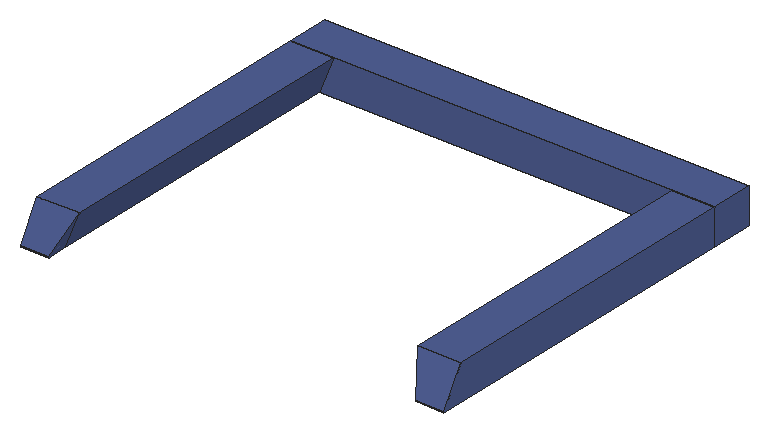
Revit family "SF221", category Generic Models, Revit 2023
Family settings
  Can host rebar = No
  Round Connector Dimension = Use Diameter
  Part Type = Normal
  OmniClass Number = 23.50.70.11
  OmniClass Title = Dock Bumpers/Seals
  Work Plane-Based = Yes
  Always vertical = No
  Cut with Voids When Loaded = No
  Maintain Annotation Orientation = No
  Shared = No
  Room Calculation Point = No
Parameters
  offset [instance] = 0' - 0"
  Warranty Duration (Years) = 0
  Vertical Strip [instance] = no
  Unit Width [instance] = Clear Width + (Pad Face Width_Vertical * 2)  # 10' - 0"
  Unit Height [instance] = Clear Height + Pad Face Width_Head  # 9' - 0"
  Unit Depth_Base [instance] = 0' - 10"
  Unit Depth = 0' - 10"
  URL = ""
  Taper Distance_Plan [instance] = 0' - 4"
  Strip Length [instance] = if(Full Height Strip, Clear Height - 0' 6", 2' 0")  # 2' - 0"
  Specification = ""
  SpecWizard = ""
  Send Message = ""
  Sales Information = "www.wayne-dalton.com"
  Revision = "R1_07-2011"
  Protective Flap Type [instance] = Seal Flaps : None
  Product Properties = ""
  Product Data = "www.wayne-dalton.com"
  Pad Face Width_Vertical = 1' - 0"
  Pad Face Width_Head = 1' - 0"
  Model = "As Specified"
  Material = Plastic - Vinyl - Blue
  Manufacturer Website = "www.wayne-dalton.com"
  Manufacturer Phone - Toll Free = "1-855-493-3667"
  Manufacturer Phone = ""
  Manufacturer Fax = ""
  Manufacturer Address = ""
  Manufacturer = ""
  Maintenance Schedule (Months) = 0
  Keynote = ""
  Installation-Fabrication = ""
  Installation Phase = ""
  Green Building-LEED = ""
  Galvanized Steel Canopy [instance] = no
  Full Height Strip [instance] = no
  Flap Length [instance] = Clear Height - 0' 6"  # 7' - 6"
  Expected Lifespan (Years) = 0
  Drop Curtain [instance] = no
  Drawn By = ""
  Description = ""
  Default Elevation = 4' - 0"
  Curtain Drop [instance] = 1' - 0"
  Copyright = ""
  Construction Details = "www.wayne-dalton.com"
  Clear Width [instance] = 8' - 0"
  Clear Height [instance] = 8' - 0"
  Assembly Code = ""
Reference planes (in)
  plane 1 "Center (Front/Back)": y = 0
  plane 2 "Bottom": z = 0
  plane 3 "Center (Left/Right)": x = 0
  plane 4 "Front": y = -54
  plane 5 "Back": y = 54
  plane 6 "Left": x = -60
  plane 7 "Right": x = 60
  plane 8 "Top": z = 10
  plane 9: x = -48
  plane 10: x = 48
  plane 11: y = 42
  plane 12: x = 52
  plane 13: x = -52
  plane 14: z = 10
  plane 15: y = -48
  plane 16: x = -54
  plane 17: x = 54
  plane 18: y = -3
Forms (in)
  Extrusion 1, solid, material "Plastic - Vinyl - Blue" <- "Material"
    sketch origin (0, 0, 0) x (1, 0, 0) y (0, 1, 0)
      loop
        line (-60, 54) -> (-60, 42) -> (60, 42) -> (60, 54) -> (-60, 54)
    from 0 to 10
  Blend 2, solid, material "Plastic - Vinyl - Blue" <- "Material"
    base sketch origin (0, -48, 22.94543) x (0, 0, 1) y (-1, 0, 0)
      loop
        line (-22.94543, 52) -> (-12.94543, 48) -> (-12.94543, 60) -> (-22.94543, 60) -> (-22.94543, 52)
    top sketch origin (0, -48, 22.94543) x (0, 0, 1) y (-1, 0, 0)
      loop
        line (-22.94543, 52) -> (-12.94543, 48) -> (-12.94543, 60) -> (-22.94543, 60) -> (-22.94543, 52)
    from 0 to -90
  Blend 3, solid, material "Plastic - Vinyl - Blue" <- "Material"
    base sketch origin (0, -48, 22.94543) x (0, 0, 1) y (-1, 0, 0)
      loop
        line (-22.94543, -60) -> (-12.94543, -60) -> (-12.94543, -48) -> (-22.94543, -52) -> (-22.94543, -60)
    top sketch origin (0, -48, 22.94543) x (0, 0, 1) y (-1, 0, 0)
      loop
        line (-22.94543, -60) -> (-12.94543, -60) -> (-12.94543, -48) -> (-22.94543, -52) -> (-22.94543, -60)
    from 0 to -90
  Blend 4, solid, material "Plastic - Vinyl - Blue" <- "Material"
    base sketch origin (0, -48, 22.94543) x (0, 0, 1) y (-1, 0, 0)
      loop
        line (-22.94543, 60) -> (-22.94543, 52) -> (-12.94543, 48) -> (-12.94543, 60) -> (-22.94543, 60)
    top sketch origin (0, -48, 22.94543) x (0, 0, 1) y (-1, 0, 0)
      loop
        line (-22.94543, 60) -> (-22.94543, 52) -> (-22.88293, 52) -> (-22.88293, 60) -> (-22.94543, 60)
    from 0 to 6
  Blend 5, solid, material "Plastic - Vinyl - Blue" <- "Material"
    base sketch origin (0, -48, 22.94543) x (0, 0, 1) y (-1, 0, 0)
      loop
        line (-22.94543, -60) -> (-12.94543, -60) -> (-12.94543, -48) -> (-22.94543, -52) -> (-22.94543, -60)
    top sketch origin (0, -48, 22.94543) x (0, 0, 1) y (-1, 0, 0)
      loop
        line (-22.94543, -60) -> (-22.88293, -60) -> (-22.88293, -52) -> (-22.94543, -52) -> (-22.94543, -60)
    from 0 to 6
  Sweep 6, solid, material "Plastic - Vinyl - Super Seal - Yellow", visible <- "Vertical Strip"
    path origin (-54, 53.619, 48) x (0, 1, 0) y (0, 0, 1)
      loop
        line (-77.619, -38) -> (-101.619, -38)
    profile origin (-54, -36, 10) x (0, 0, -1) y (1, 0, 0)
      loop
        line (0, -2) -> (0, 2) -> (-0.0625, 2) -> (-0.0625, -2) -> (0, -2)
  Sweep 7, solid, material "Plastic - Vinyl - Super Seal - Yellow", visible <- "Vertical Strip"
    path origin (54, 53.619, 48) x (0, 1, 0) y (0, 0, 1)
      loop
        line (-77.619, -38) -> (-101.619, -38)
    profile origin (54, -36, 10) x (0, 0, -1) y (1, 0, 0)
      loop
        line (0, -2) -> (0, 2) -> (-0.06267, 2) -> (-0.06267, -2) -> (0, -2)
  Extrusion 8, solid, material "Metal - Steel - Super Seal - Galvanized", visible <- "Galvanized Steel Canopy"
    sketch origin (-60, 16.34522, 48) x (0, 1, 0) y (0, 0, 1)
      loop
        line (37.65478, -38) -> (37.65478, -48) -> (39.65478, -48) -> (37.75969, -37.875) -> (36.65478, -37.875) -> (36.65478, -38) -> (37.65478, -38)
    from 0 to 120
Cuts and joins
  joined: Blend 3, Blend 5
  joined: Blend 2, Blend 4
Lines and regions (in)
  model lines, style "Dock Equipment", detail levels medium+fine
    curve 1: line (-9, 50, 10) -> (9, 50, 10)
    curve 2: line (-9, 46, 10) -> (-9, 50, 10)
    curve 3: line (9, 46, 10) -> (-9, 46, 10)
    curve 4: line (9, 50, 10) -> (9, 46, 10)
  reference lines
    curve 5: line (-54, 42, 10) -> (-54, -48, 10)
Dimensions and locks (in)
  equal spacing: plane 6 "Left", plane 3 "Center (Left/Right)", plane 7 "Right"
  "Unit Width": plane 6 "Left" to plane 7 "Right"
  equal spacing: plane 5 "Back", plane 1 "Center (Front/Back)", plane 4 "Front"
  "Unit Height": plane 5 "Back" to plane 4 "Front"
  "Unit Depth": plane 8 "Top" to level
  equal spacing: plane 9, plane 3 "Center (Left/Right)", plane 10
  "Clear Width": plane 9 to plane 10
  "Clear Height": plane 11 to plane 4 "Front"
  "Taper Distance_Plan": plane 9 to plane 13
  "Taper Distance_Plan": plane 12 to plane 10
  "Unit Depth_Base": plane 14 to level
  locked: plane 4 "Front" to plane 15 at 6
  equal spacing: plane 10, plane 17, plane 7 "Right"
  equal spacing: plane 6 "Left", plane 16, plane 9
  "Strip Length": Sweep 6 sketch curve to Sweep 6 sketch curve
  equal spacing: plane 11, plane 18, plane 15
  "Strip Length": Sweep 7 sketch curve to Sweep 7 sketch curve
  locked: Sweep 6 sketch curve to curve 5 at 0
  locked: curve 5 to Sweep 7 sketch curve
  aligned and locked: plane 8 "Top" to Extrusion 1
  aligned and locked: plane 11 to Blend 2
  aligned and locked: plane 11 to Blend 3
  aligned and locked: Blend 4 to plane 4 "Front"
  aligned and locked: Blend 5 to plane 4 "Front"
  aligned and locked: curve 5 to Sweep 6 sketch curve
  aligned and locked: curve 5 to Sweep 7 sketch curve
  aligned and locked: plane 17 to nested 2
  aligned and locked: plane 16 to nested 1
  aligned and locked: plane 7 "Right" to Extrusion 8
Automatic sketch dimensions
  Extrusion 1 sketch curve to plane 6 "Left" = 0' - 0"
  Extrusion 1 sketch curve to plane 7 "Right" = 0' - 0"
  Extrusion 1 sketch curve to plane 11 = 0' - 0"
  Extrusion 1 sketch curve to plane 5 "Back" = 0' - 0"
  Blend 2 sketch curve to level = 0' - 0"  (x2)
  Blend 2 sketch curve to plane 6 "Left" = 0' - 0"  (x2)
  Blend 2 sketch curve to plane 14 = 0' - 0"
  Blend 2 sketch curve to plane 9 = 0' - 0"  (x2)
  Blend 2 sketch curve to plane 13 = 0' - 0"  (x2)
  Blend 2 sketch curve to plane 8 "Top" = 0' - 0"
  Blend 3 sketch curve to level = 0' - 0"  (x2)
  Blend 3 sketch curve to plane 10 = 0' - 0"  (x2)
  Blend 3 sketch curve to plane 14 = 0' - 0"
  Blend 3 sketch curve to plane 7 "Right" = 0' - 0"  (x2)
  Blend 3 sketch curve to plane 12 = 0' - 0"  (x2)
  Blend 3 sketch curve to plane 8 "Top" = 0' - 0"
  Blend 4 sketch curve to level = 0' - 0"  (x2)
  Blend 4 sketch curve to plane 9 = 0' - 0"
  Blend 4 sketch curve to plane 14 = 0' - 0"
  Blend 4 sketch curve to plane 13 = 0' - 0"  (x2)
  Blend 4 sketch curve to plane 6 "Left" = 0' - 0"  (x2)
  Blend 4 sketch curve to Blend 4 sketch curve = 0' - 0 1/16"
  Blend 5 sketch curve to level = 0' - 0"  (x2)
  Blend 5 sketch curve to plane 10 = 0' - 0"
  Blend 5 sketch curve to plane 14 = 0' - 0"
  Blend 5 sketch curve to plane 7 "Right" = 0' - 0"  (x2)
  Blend 5 sketch curve to plane 12 = 0' - 0"  (x2)
  level to Blend 5 sketch curve = 0' - 0 1/16"
  curve 1 to plane 5 "Back" = 0' - 4"
  plane 3 "Center (Left/Right)" to curve 1 = 0' - 9"
  plane 11 to curve 3 = 0' - 4"
  curve 3 to plane 3 "Center (Left/Right)" = 0' - 9"
  curve 5 to plane 14 = 0' - 0"
  curve 5 to plane 15 = 0' - 0"
  curve 5 to plane 8 "Top" = 0' - 0"
  curve 5 to plane 11 = 0' - 0"
  Sweep 6 sketch curve to profile plane = 0' - 0"
  Sweep 6 sketch curve to Sweep 6 sketch curve = 0' - 0 1/16"
  Sweep 6 sketch curve to plane 16 = 0' - 2"
  plane 16 to Sweep 6 sketch curve = 0' - 2"
  Sweep 7 sketch curve to profile plane = 0' - 0"
  Sweep 7 sketch curve to Sweep 7 sketch curve = 0' - 0.06267"
  Sweep 7 sketch curve to plane 17 = 0' - 2"
  plane 17 to Sweep 7 sketch curve = 0' - 2"
  Extrusion 8 sketch curve to plane 8 "Top" = 0' - 0"
  Extrusion 8 sketch curve to plane 5 "Back" = 0' - 0"
  Extrusion 8 sketch curve to level = 0' - 0"
  plane 8 "Top" to Extrusion 8 sketch curve = 0' - 0 1/8"
  Extrusion 8 sketch curve to plane 5 "Back" = 0' - 1"
  plane 5 "Back" to Extrusion 8 sketch curve = 0' - 0.10491"
  plane 5 "Back" to Extrusion 8 sketch curve = 0' - 2"
Nested families (in)
  nested 1: "Seal Flaps" at (-54, -3, 10), Material <- "Material", Unit Width <- "Pad Face Width_Vertical", Unit Height <- "Flap Length", type <- "Protective Flap Type", Striped <- "Vertical Strip", type "None"
    with offset 0' - 0", Unit Width 1' - 0", Unit Height 7' - 6", Striped no, Stripe Material Plastic - Vinyl - Super Seal - Yellow, Material Plastic - Vinyl - Blue, Flaps 6
  nested 2: "Seal Flaps" at (54, -3, 10), Material <- "Material", Unit Width <- "Pad Face Width_Vertical", Unit Height <- "Flap Length", type <- "Protective Flap Type", Striped <- "Vertical Strip", type "None"
    with offset 0' - 0", Unit Width 1' - 0", Unit Height 7' - 6", Striped no, Stripe Material Plastic - Vinyl - Super Seal - Yellow, Material Plastic - Vinyl - Blue, Flaps 6
Definition of nested family "Seal Flaps"
  Parameters
    offset [instance] = 0' - 0"
    Warranty Duration (Years) = 0
    Unit Width [instance] = 1' - 0"
    Unit Height [instance] = 6' - 0"
    Unit Depth = 0' - 4"
    URL = "http://www.supersealmfg.com/"
    Striped [instance] = yes
    Stripe Material [instance] = none
    Specification = ""
    SpecWizard = ""
    Send Message = "http://www.arcat.com/users.pl?action=UserEmail&company=Super-Seal%20Mfg.%20Ltd&coid=44693&rep=119&fax=905-850-4440 &mf="
    Sales Information = "http://www.supersealmfg.com/ContactUs.htm"
    Revision = "R1_07-2011"
    Product Properties = ""
    Product Data = "http://arcat.com/arcatcos/cos44/arc44693.html?isac=1&r=1"
    Model = "As Specified"
    Material [instance] = none
    Manufacturer Website = "http://www.supersealmfg.com/"
    Manufacturer Phone - Toll Free = "800-337-3239 "
    Manufacturer Phone = "800-337-3239 "
    Manufacturer Fax = "905-850-4440 "
    Manufacturer Address = "670 Rowntree Dairy Rd. Woodbridge , ON, Canada L4L-5T8"
    Manufacturer = "Super-Seal Mfg. Ltd"
    Maintenance Schedule (Months) = 0
    Keynote = ""
    Installation-Fabrication = ""
    Installation Phase = ""
    Green Building-LEED = ""
    Flaps Visible = no
    Flaps [instance] = (Unit Height - 0' 1") / Exposure  # 4
    Exposure = 1' - 4"
    Expected Lifespan (Years) = 0
    Drawn By = "Sumex Design, Inc. / Robert S. Weygant, CSI, CDT, SCIP"
    Description = "Super Seal"
    Default Elevation = 4' - 0"
    Copyright = "©Arcat Inc."
    Construction Details = "http://arcat.com/details/supersea/supersea.html?coid=44693"
    Assembly Code = ""
  Reference planes (in)
    plane 1 "Center (Front/Back)": y = 0
    plane 2 "Bottom": z = 0
    plane 3 "Center (Left/Right)": x = 0
    plane 4 "Front": y = -36
    plane 5 "Back": y = 36
    plane 6 "Left": x = -6
    plane 7 "Right": x = 6
    plane 8 "Top": z = 4
  Dimensions and locks (in)
    equal spacing: plane 6 "Left", plane 3 "Center (Left/Right)", plane 7 "Right"
    "Unit Width": plane 6 "Left" to plane 7 "Right"
    equal spacing: plane 5 "Back", plane 1 "Center (Front/Back)", plane 4 "Front"
    "Unit Height": plane 5 "Back" to plane 4 "Front"
    "Unit Depth": plane 8 "Top" to level
    equal spacing: group 1, group 2, group 3, group 4  (x2)
    equal spacing: group 4, group 3, group 2, group 1
    "Exposure": plane 5 "Back" to nested 2
    aligned and locked: plane 5 "Back" to nested 1
    aligned and locked: plane 3 "Center (Left/Right)" to nested 1
    aligned and locked: plane 3 "Center (Left/Right)" to nested 2
  Nested families (in)
    nested 1: "Seal Flap" at (0, 27, 0), Unit Width <- "Unit Width", Unit Height <- "Exposure", Material <- "Material", visible <- "Flaps Visible", Stripe <- "Striped", Stripe Material <- "Stripe Material", type "Seal Flap"
      with offset 0' - 0", Unit Width 1' - 0", Unit Height 1' - 4", Unit Depth 0' - 0 1/4", Stripe Material none, Stripe yes, Material none
    nested 2: "Seal Flap" at (0, 11, 0), Unit Width <- "Unit Width", Unit Height <- "Exposure", Material <- "Material", visible <- "Flaps Visible", Stripe <- "Striped", Stripe Material <- "Stripe Material", type "Seal Flap"
      with offset 0' - 0", Unit Width 1' - 0", Unit Height 1' - 4", Unit Depth 0' - 0 1/4", Stripe Material none, Stripe yes, Material none
    nested 3: "Seal Flap" at (0, -5, 0), Unit Width <- "Unit Width", Unit Height <- "Exposure", Material <- "Material", visible <- "Flaps Visible", Stripe <- "Striped", Stripe Material <- "Stripe Material", type "Seal Flap"
      with offset 0' - 0", Unit Width 1' - 0", Unit Height 1' - 4", Unit Depth 0' - 0 1/4", Stripe Material none, Stripe yes, Material none
    nested 4: "Seal Flap" at (0, -21, 0), Unit Width <- "Unit Width", Unit Height <- "Exposure", Material <- "Material", visible <- "Flaps Visible", Stripe <- "Striped", Stripe Material <- "Stripe Material", type "Seal Flap"
      with offset 0' - 0", Unit Width 1' - 0", Unit Height 1' - 4", Unit Depth 0' - 0 1/4", Stripe Material none, Stripe yes, Material none
  Definition of nested family "Seal Flap"
    Parameters
      offset [instance] = 0' - 0"
      Warranty Duration (Years) = 0
      Unit Width [instance] = 1' - 0"
      Unit Height [instance] = 0' - 4"
      Unit Depth [instance] = 0' - 0 1/4"  # constant formula
      URL = "http://www.supersealmfg.com/"
      Stripe Material [instance] = none
      Stripe [instance] = yes
      Specification = ""
      SpecWizard = ""
      Send Message = "http://www.arcat.com/users.pl?action=UserEmail&company=Super-Seal%20Mfg.%20Ltd&coid=44693&rep=119&fax=905-850-4440 &mf="
      Sales Information = "http://www.supersealmfg.com/ContactUs.htm"
      Revision = "R1_07-2011"
      Product Properties = ""
      Product Data = "http://arcat.com/arcatcos/cos44/arc44693.html?isac=1&r=1"
      Model = "As Specified"
      Material [instance] = none
      Manufacturer Website = "http://www.supersealmfg.com/"
      Manufacturer Phone - Toll Free = "800-337-3239 "
      Manufacturer Phone = "800-337-3239 "
      Manufacturer Fax = "905-850-4440 "
      Manufacturer Address = "670 Rowntree Dairy Rd. Woodbridge , ON, Canada L4L-5T8"
      Manufacturer = "Super-Seal Mfg. Ltd"
      Maintenance Schedule (Months) = 0
      Keynote = ""
      Installation-Fabrication = ""
      Installation Phase = ""
      Green Building-LEED = ""
      Expected Lifespan (Years) = 0
      Drawn By = "Sumex Design, Inc. / Robert S. Weygant, CSI, CDT, SCIP"
      Description = "Super Seal"
      Default Elevation = 0' - 0"
      Copyright = "©Arcat Inc."
      Construction Details = "http://arcat.com/details/supersea/supersea.html?coid=44693"
      Assembly Code = ""
    Reference planes (in)
      plane 1 "Center (Front/Back)": y = 0
      plane 2 "Bottom": z = 0
      plane 3 "Center (Left/Right)": x = 0
      plane 4 "Front": y = -2
      plane 5 "Back": y = 2
      plane 6 "Left": x = -6
      plane 7 "Right": x = 6
      plane 8 "Top": z = 0.25
    Forms (in)
      Sweep 1, solid, material <- "Material"
        path origin (0, 0, 0) x (0, 1, 0) y (0, 0, 1)
          loop
            line (-2, 0.25) -> (2, 0) -> (3, 0)
        profile origin (0, 0, 0.125) x (0, 0.062378, 0.998053) y (1, 0, 0)
          loop
            line (0, -6) -> (0.125, -6) -> (0.125, 6) -> (0, 6) -> (0, -6)
      Sweep 2, solid, material <- "Stripe Material", visible <- "Stripe"
        path origin (0, 0, 0) x (0, 1, 0) y (0, 0, 1)
          loop
            line (-2, 0.25) -> (2, 0) -> (3, 0)
        profile origin (0, 0, 0.125) x (0, 0.062378, 0.998053) y (1, 0, 0)
          loop
            line (0.1875, -2) -> (0.1875, 2) -> (0.125, 2) -> (0.125, -2) -> (0.1875, -2)
    Dimensions and locks (in)
      equal spacing: plane 6 "Left", plane 3 "Center (Left/Right)", plane 7 "Right"
      "Unit Width": plane 6 "Left" to plane 7 "Right"
      equal spacing: plane 5 "Back", plane 1 "Center (Front/Back)", plane 4 "Front"
      "Unit Height": plane 5 "Back" to plane 4 "Front"
      "Unit Depth": plane 8 "Top" to level
      aligned and locked: plane 7 "Right" to Sweep 1 sketch curve
      aligned and locked: Sweep 1 sketch curve to plane 6 "Left"
    Automatic sketch dimensions
      Sweep 1 sketch curve to plane 4 "Front" = 0' - 0"
      Sweep 1 sketch curve to level = 0' - 0"
      Sweep 1 sketch curve to plane 5 "Back" = 0' - 0"
      Sweep 1 sketch curve to plane 8 "Top" = 0' - 0"
      plane 5 "Back" to Sweep 1 sketch curve = 0' - 1"
      Sweep 1 sketch curve to profile plane = 0' - 0"
      Sweep 1 sketch curve to profile plane = 0' - 0 1/8"
      Sweep 2 sketch curve to plane 4 "Front" = 0' - 0"
      Sweep 2 sketch curve to level = 0' - 0"
      Sweep 2 sketch curve to plane 5 "Back" = 0' - 0"
      Sweep 2 sketch curve to plane 8 "Top" = 0' - 0"
      Sweep 2 sketch curve to Sweep 2 sketch curve = 0' - 1"
      Sweep 2 sketch curve to profile plane = 0' - 0 1/8"
      Sweep 2 sketch curve to Sweep 2 sketch curve = 0' - 0 1/16"
      Sweep 2 sketch curve to plane 3 "Center (Left/Right)" = 0' - 2"
      plane 3 "Center (Left/Right)" to Sweep 2 sketch curve = 0' - 2"
